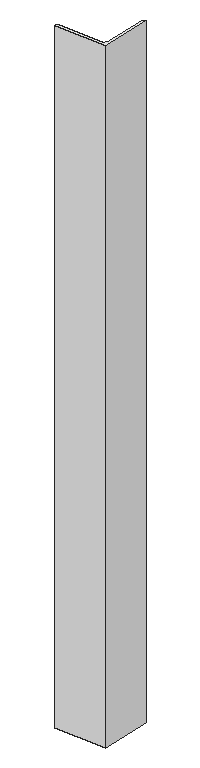
Revit family "Steel Column_L_ASTM A6M", category Structural Columns, Revit 2023
Family settings
  Section Shape = L-angle
  Material for Model Behavior = Steel
  Always export as geometry = No
  Beam cutback in plan = From bounding box
  Code Name = AISC 14.1
  OmniClass Number = 23.25.30.11.14.11
  OmniClass Title = Columns
  Cut with Voids When Loaded = No
  Symbolic Representation = From Project Settings
  Shared = No
  Show family pre-cut in plan views = Yes
Parameters (values of type "L203X203X12.7")
  Width = 203.00 mm
  Web Thickness = 12.70 mm
  Web Fillet = 12.70 mm
  Warping Constant = 0.000001081 (stored number, unit not read)
  Torsional Moment of Inertia = 284000.00 mm⁴
  Top Web Fillet = 6.35 mm
  Structural Material [instance] = Steel, 45-345
  Section Name Key = ""
  Section Area = 5060.0 mm²
  Principal Axes Angle = 45.00°
  Plastic Modulus weak axis = 247000.0 mm³
  Plastic Modulus strong axis = 247000.0 mm³
  Perimeter = 2.6509 (stored number, unit not read)
  Nominal Weight = 39.2999 kgf/m
  Moment of Inertia weak axis = 20300000.00 mm⁴
  Moment of Inertia strong axis = 20300000.00 mm⁴
  Height = 203.00 mm
  Flange Thickness = 12.700 mm
  Flange Fillet = 6.35 mm
  Elastic Modulus weak axis = 137000.0 mm³
  Elastic Modulus strong axis = 137000.0 mm³
  Centroid Vertical = 55.10 mm
  Centroid Horizontal = 55.10 mm
  Bolt Spacing Shorter Flange = 0.000 mm
  Bolt Spacing 2 Longer Flange = 0.000 mm
  Bolt Spacing 1 Longer Flange = 0.000 mm
  Assembly Code = ""
Reference planes
  plane 1: y = 0
  plane 2: z = 0
  plane 3: x = 0
  plane 4: x = -147.9
  plane 5: y = 147.9
  plane 6: y = -55.1
  plane 7: x = 55.1
  plane 8: y = -42.4
  plane 9: x = 42.4
Forms (mm)
  Extrusion 1, solid, material "Steel, 45-345" <- "Structural Material", detail levels medium
    sketch origin (0, 0, 0) x (1, 0, 0) y (0, 1, 0)
      loop
        line (-147.9, -42.4) -> (-147.9, -55.1) -> (55.1, -55.1) -> (55.1, 147.9) -> (42.4, 147.9) -> (42.4, -42.4) -> (-147.9, -42.4)
    from 0 to 2500
  Extrusion 2, solid, material "Steel, 45-345" <- "Structural Material", detail levels fine
    sketch origin (0, 0, 0) x (1, 0, 0) y (0, 1, 0)
      loop
        arc (-141.55, -42.4) -> (-146.04, -44.26) -> (-147.9, -48.75) r 6.35
        line (-147.9, -48.75) -> (-147.9, -55.1) -> (55.1, -55.1) -> (55.1, 147.9) -> (48.75, 147.9)
        arc (48.75, 147.9) -> (44.26, 146.04) -> (42.4, 141.55) r 6.35
        line (42.4, 141.55) -> (42.4, -29.7)
        arc (42.4, -29.7) -> (38.68, -38.68) -> (29.7, -42.4) r 12.7
        line (29.7, -42.4) -> (-141.55, -42.4)
    from 0 to 2500
Lines and regions (mm)
  symbolic lines, style "Hidden Faces", detail levels medium+fine
    curve 1: line (42.4, 0, 2500) -> (42.4, 0, 0)
    curve 2: line (-4.1, -42.4, 2500) -> (-4.1, -42.4, 0)
  symbolic lines, style "StructuralColumnStickSymbols", detail levels coarse
    curve 3: line (55.1, -55.1, 0) -> (-147.9, -55.1, 0)
    curve 4: line (55.1, -55.1, 0) -> (55.1, 147.9, 0)
Dimensions and locks
  "Centroid Vertical": plane 1 to plane 6
  "Web Thickness": plane 8 to plane 6
  "Web Thickness": plane 9 to plane 7
  "Centroid Horizontal": plane 3 to plane 7
  "Height": plane 5 to plane 6
  "Width": plane 4 to plane 7
  "Top Web Fillet": radius of Extrusion 2 sketch curve
  "Flange Fillet": radius of Extrusion 2 sketch curve
  "Web Fillet": radius of Extrusion 2 sketch curve
  aligned and locked: level to plane 2
  aligned and locked: level to curve 1  (x2)
  aligned and locked: plane 2 to curve 2
  aligned and locked: level to curve 2
  aligned and locked: plane 7 to curve 3
  aligned and locked: plane 6 to curve 3
  aligned and locked: Extrusion 1 sketch curve to plane 5
  aligned and locked: plane 9 to Extrusion 1 sketch curve
  aligned and locked: Extrusion 1 sketch curve to plane 8
  aligned and locked: plane 4 to Extrusion 1 sketch curve
  aligned and locked: plane 6 to Extrusion 1 sketch curve
  aligned and locked: Extrusion 1 sketch curve to plane 7
  aligned and locked: plane 4 to curve 3
  aligned and locked: plane 5 to curve 4
  aligned and locked: level to Extrusion 1
  aligned and locked: Extrusion 1 to level
  aligned and locked: plane 6 to Extrusion 2 sketch curve
  aligned and locked: Extrusion 2 sketch curve to plane 7
  aligned and locked: Extrusion 2 sketch curve to plane 5
  aligned and locked: plane 9 to Extrusion 2 sketch curve
  aligned and locked: Extrusion 2 sketch curve to plane 8
  aligned and locked: plane 4 to Extrusion 2 sketch curve
  aligned and locked: level to Extrusion 2
  aligned and locked: Extrusion 2 to level
  aligned and locked: curve 1 to plane 9
  aligned and locked: plane 8 to curve 2
Types in the file's own list only (60): name | Width | Web Thickness | Web Fillet | Warping Constant | Torsional Moment of Inertia | Top Web Fillet | Section Name Key | Section Area | Plastic Modulus weak axis | Plastic Modulus strong axis | Perimeter | Nominal Weight | Moment of Inertia weak axis | Moment of Inertia strong axis | Height | Flange Thickness | Flange Fillet | Elastic Modulus weak axis | Elastic Modulus strong axis | Centroid Vertical | Centroid Horizontal | Bolt Spacing Shorter Flange | Bolt Spacing 1 Longer Flange
  L51X51X3.2 | 50.800 mm | 3.180 mm | 3.180 mm | 212000.0 mm⁶ | 1220.00 mm⁴ | 1.590 mm | "L2X2X1/8" | 317.0 mm² | 3770.0 mm³ | 3770.0 mm³ | 0.20 m²/m | 2.40 kgf/m | 78700.00 mm⁴ | 78700.00 mm⁴ | 50.800 mm | 3.180 mm | 1.590 mm | 2110.0 mm³ | 2110.0 mm³ | 13.600 mm | 13.600 mm | 28.575 mm | 28.575 mm
  L51X51X4.8 | 50.800 mm | 4.760 mm | 4.760 mm | 682000.0 mm⁶ | 3830.00 mm⁴ | 2.380 mm | "L2X2X3/16" | 466.0 mm² | 5540.0 mm³ | 5540.0 mm³ | 0.20 m²/m | 3.60 kgf/m | 113000.00 mm⁴ | 113000.00 mm⁴ | 50.800 mm | 4.760 mm | 2.380 mm | 3080.0 mm³ | 3080.0 mm³ | 14.200 mm | 14.200 mm | 28.575 mm | 28.575 mm
  L51X51X6.4 | 50.800 mm | 6.350 mm | 6.350 mm | 1540000.0 mm⁶ | 8700.00 mm⁴ | 3.175 mm | "L2X2X1/4" | 609.0 mm² | 7210.0 mm³ | 7210.0 mm³ | 0.20 m²/m | 4.70 kgf/m | 144000.00 mm⁴ | 144000.00 mm⁴ | 50.800 mm | 6.350 mm | 3.175 mm | 4000.0 mm³ | 4000.0 mm³ | 14.900 mm | 14.900 mm | 28.575 mm | 28.575 mm
  L51X51X7.9 | 50.800 mm | 7.940 mm | 7.940 mm | 2850000.0 mm⁶ | 16400.00 mm⁴ | 3.970 mm | "L2X2X5/16" | 748.0 mm² | 8800.0 mm³ | 8800.0 mm³ | 0.20 m²/m | 5.80 kgf/m | 172000.00 mm⁴ | 172000.00 mm⁴ | 50.800 mm | 7.940 mm | 3.970 mm | 4880.0 mm³ | 4880.0 mm³ | 15.500 mm | 15.500 mm | 28.575 mm | 28.575 mm
  L51X51X9.5 | 50.800 mm | 9.530 mm | 9.530 mm | 4670000.0 mm⁶ | 27400.00 mm⁴ | 4.765 mm | "L2X2X3/8" | 884.0 mm² | 10300.0 mm³ | 10300.0 mm³ | 0.20 m²/m | 7.00 kgf/m | 198000.00 mm⁴ | 198000.00 mm⁴ | 50.800 mm | 9.530 mm | 4.765 mm | 5700.0 mm³ | 5700.0 mm³ | 16.100 mm | 16.100 mm | 28.575 mm | 28.575 mm
  L64X64X4.8 | 63.500 mm | 4.760 mm | 4.760 mm | 1370000.0 mm⁶ | 4750.00 mm⁴ | 2.380 mm | "L2 1/2X2 1/2X3/16" | 581.0 mm² | 8670.0 mm³ | 8670.0 mm³ | 0.25 m²/m | 4.60 kgf/m | 223000.00 mm⁴ | 223000.00 mm⁴ | 63.500 mm | 4.760 mm | 2.380 mm | 4830.0 mm³ | 4830.0 mm³ | 17.400 mm | 17.400 mm | 34.925 mm | 34.925 mm
  L64X64X6.4 | 63.500 mm | 6.350 mm | 6.350 mm | 3120000.0 mm⁶ | 10900.00 mm⁴ | 3.175 mm | "L2 1/2X2 1/2X1/4" | 768.0 mm² | 11400.0 mm³ | 11400.0 mm³ | 0.25 m²/m | 6.10 kgf/m | 288000.00 mm⁴ | 288000.00 mm⁴ | 63.500 mm | 6.350 mm | 3.175 mm | 6340.0 mm³ | 6340.0 mm³ | 18.100 mm | 18.100 mm | 34.925 mm | 34.925 mm
  L64X64X7.9 | 63.500 mm | 7.940 mm | 7.940 mm | 5850000.0 mm⁶ | 20600.00 mm⁴ | 3.970 mm | "L2 1/2X2 1/2X5/16" | 942.0 mm² | 14000.0 mm³ | 14000.0 mm³ | 0.25 m²/m | 7.40 kgf/m | 348000.00 mm⁴ | 348000.00 mm⁴ | 63.500 mm | 7.940 mm | 3.970 mm | 7770.0 mm³ | 7770.0 mm³ | 18.700 mm | 18.700 mm | 34.925 mm | 34.925 mm
  L64X64X9.5 | 63.500 mm | 9.530 mm | 9.530 mm | 9720000.0 mm⁶ | 34700.00 mm⁴ | 4.765 mm | "L2 1/2X2 1/2X3/8" | 1120.0 mm² | 16600.0 mm³ | 16600.0 mm³ | 0.25 m²/m | 8.70 kgf/m | 405000.00 mm⁴ | 405000.00 mm⁴ | 63.500 mm | 9.530 mm | 4.765 mm | 9140.0 mm³ | 9140.0 mm³ | 19.300 mm | 19.300 mm | 34.925 mm | 34.925 mm
  L64X64X12.7 | 63.500 mm | 12.700 mm | 12.700 mm | 21200000.0 mm⁶ | 78300.00 mm⁴ | 6.350 mm | "L2 1/2X2 1/2X1/2" | 1460.0 mm² | 21100.0 mm³ | 21100.0 mm³ | 0.25 m²/m | 11.40 kgf/m | 508000.00 mm⁴ | 508000.00 mm⁴ | 63.500 mm | 12.700 mm | 6.350 mm | 11700.0 mm³ | 11700.0 mm³ | 20.400 mm | 20.400 mm | 34.925 mm | 34.925 mm
  L76X76X4.8 | 76.200 mm | 4.760 mm | 4.760 mm | 2410000.0 mm⁶ | 5660.00 mm⁴ | 2.380 mm | "L3X3X3/16" | 703.0 mm² | 12700.0 mm³ | 12700.0 mm³ | 0.30 m²/m | 5.50 kgf/m | 395000.00 mm⁴ | 395000.00 mm⁴ | 76.200 mm | 4.760 mm | 2.380 mm | 7100.0 mm³ | 7100.0 mm³ | 20.600 mm | 20.600 mm | 44.450 mm | 44.450 mm
  L76X76X6.4 | 76.200 mm | 6.350 mm | 6.350 mm | 5530000.0 mm⁶ | 13000.00 mm⁴ | 3.175 mm | "L3X3X1/4" | 929.0 mm² | 16700.0 mm³ | 16700.0 mm³ | 0.30 m²/m | 7.30 kgf/m | 512000.00 mm⁴ | 512000.00 mm⁴ | 76.200 mm | 6.350 mm | 3.175 mm | 9320.0 mm³ | 9320.0 mm³ | 21.200 mm | 21.200 mm | 44.450 mm | 44.450 mm
  L76X76X7.9 | 76.200 mm | 7.940 mm | 7.940 mm | 10500000.0 mm⁶ | 24800.00 mm⁴ | 3.970 mm | "L3X3X5/16" | 1150.0 mm² | 20600.0 mm³ | 20600.0 mm³ | 0.30 m²/m | 9.10 kgf/m | 624000.00 mm⁴ | 624000.00 mm⁴ | 76.200 mm | 7.940 mm | 3.970 mm | 11500.0 mm³ | 11500.0 mm³ | 21.800 mm | 21.800 mm | 44.450 mm | 44.450 mm
  L76X76X9.5 | 76.200 mm | 9.530 mm | 9.530 mm | 17500000.0 mm⁶ | 42000.00 mm⁴ | 4.765 mm | "L3X3X3/8" | 1360.0 mm² | 24300.0 mm³ | 24300.0 mm³ | 0.30 m²/m | 10.70 kgf/m | 728000.00 mm⁴ | 728000.00 mm⁴ | 76.200 mm | 9.530 mm | 4.765 mm | 13500.0 mm³ | 13500.0 mm³ | 22.500 mm | 22.500 mm | 44.450 mm | 44.450 mm
  L76X76X11.1 | 76.200 mm | 11.100 mm | 11.100 mm | 26900000.0 mm⁶ | 65300.00 mm⁴ | 5.550 mm | "L3X3X7/16" | 1570.0 mm² | 27900.0 mm³ | 27900.0 mm³ | 0.30 m²/m | 12.40 kgf/m | 824000.00 mm⁴ | 824000.00 mm⁴ | 76.200 mm | 11.100 mm | 5.550 mm | 15500.0 mm³ | 15500.0 mm³ | 23.000 mm | 23.000 mm | 44.450 mm | 44.450 mm
  L76X76X12.7 | 76.200 mm | 12.700 mm | 12.700 mm | 38700000.0 mm⁶ | 95700.00 mm⁴ | 6.350 mm | "L3X3X1/2" | 1780.0 mm² | 31300.0 mm³ | 31300.0 mm³ | 0.30 m²/m | 14.00 kgf/m | 916000.00 mm⁴ | 916000.00 mm⁴ | 76.200 mm | 12.700 mm | 6.350 mm | 17400.0 mm³ | 17400.0 mm³ | 23.600 mm | 23.600 mm | 44.450 mm | 44.450 mm
  L89X89X6.4 | 88.900 mm | 6.350 mm | 6.350 mm | 8970000.0 mm⁶ | 16100.00 mm⁴ | 3.175 mm | "L3 1/2X3 1/2X1/4" | 1100.0 mm² | 23100.0 mm³ | 23100.0 mm³ | 0.35 m²/m | 8.60 kgf/m | 832000.00 mm⁴ | 832000.00 mm⁴ | 88.900 mm | 6.350 mm | 3.175 mm | 12900.0 mm³ | 12900.0 mm³ | 24.200 mm | 24.200 mm | 50.800 mm | 50.800 mm
  L89X89X7.9 | 88.900 mm | 7.940 mm | 7.940 mm | 17000000.0 mm⁶ | 30400.00 mm⁴ | 3.970 mm | "L3 1/2X3 1/2X5/16" | 1350.0 mm² | 28500.0 mm³ | 28500.0 mm³ | 0.35 m²/m | 10.70 kgf/m | 1020000.00 mm⁴ | 1020000.00 mm⁴ | 88.900 mm | 7.940 mm | 3.970 mm | 15900.0 mm³ | 15900.0 mm³ | 24.900 mm | 24.900 mm | 50.800 mm | 50.800 mm
  L89X89X9.5 | 88.900 mm | 9.530 mm | 9.530 mm | 28500000.0 mm⁶ | 51200.00 mm⁴ | 4.765 mm | "L3 1/2X3 1/2X3/8" | 1610.0 mm² | 33800.0 mm³ | 33800.0 mm³ | 0.35 m²/m | 12.60 kgf/m | 1190000.00 mm⁴ | 1190000.00 mm⁴ | 88.900 mm | 9.530 mm | 4.765 mm | 18800.0 mm³ | 18800.0 mm³ | 25.400 mm | 25.400 mm | 50.800 mm | 50.800 mm
  L89X89X11.1 | 88.900 mm | 11.100 mm | 11.100 mm | 44000000.0 mm⁶ | 79900.00 mm⁴ | 5.550 mm | "L3 1/2X3 1/2X7/16" | 1860.0 mm² | 38700.0 mm³ | 38700.0 mm³ | 0.35 m²/m | 14.60 kgf/m | 1350000.00 mm⁴ | 1350000.00 mm⁴ | 88.900 mm | 11.100 mm | 5.550 mm | 21600.0 mm³ | 21600.0 mm³ | 26.200 mm | 26.200 mm | 50.800 mm | 50.800 mm
  L89X89X12.7 | 88.900 mm | 12.700 mm | 12.700 mm | 63900000.0 mm⁶ | 117000.00 mm⁴ | 6.350 mm | "L3 1/2X3 1/2X1/2" | 2100.0 mm² | 43600.0 mm³ | 43600.0 mm³ | 0.35 m²/m | 16.50 kgf/m | 1510000.00 mm⁴ | 1510000.00 mm⁴ | 88.900 mm | 12.700 mm | 6.350 mm | 24300.0 mm³ | 24300.0 mm³ | 26.700 mm | 26.700 mm | 50.800 mm | 50.800 mm
  L102X102X6.4 | 102.000 mm | 6.350 mm | 6.350 mm | 13600000.0 mm⁶ | 18200.00 mm⁴ | 3.175 mm | "L4X4X1/4" | 1250.0 mm² | 29800.0 mm³ | 29800.0 mm³ | 0.40 m²/m | 9.80 kgf/m | 1250000.00 mm⁴ | 1250000.00 mm⁴ | 102.000 mm | 6.350 mm | 3.175 mm | 16900.0 mm³ | 16900.0 mm³ | 27.400 mm | 27.400 mm | 63.500 mm | 63.500 mm
  L102X102X7.9 | 102.000 mm | 7.940 mm | 7.940 mm | 25900000.0 mm⁶ | 34600.00 mm⁴ | 3.970 mm | "L4X4X5/16" | 1550.0 mm² | 37000.0 mm³ | 37000.0 mm³ | 0.40 m²/m | 12.20 kgf/m | 1530000.00 mm⁴ | 1530000.00 mm⁴ | 102.000 mm | 7.940 mm | 3.970 mm | 20800.0 mm³ | 20800.0 mm³ | 28.200 mm | 28.200 mm | 63.500 mm | 63.500 mm
  L102X102X9.5 | 102.000 mm | 9.530 mm | 9.530 mm | 43500000.0 mm⁶ | 58700.00 mm⁴ | 4.765 mm | "L4X4X3/8" | 1850.0 mm² | 44100.0 mm³ | 44100.0 mm³ | 0.40 m²/m | 14.60 kgf/m | 1800000.00 mm⁴ | 1800000.00 mm⁴ | 102.000 mm | 9.530 mm | 4.765 mm | 24600.0 mm³ | 24600.0 mm³ | 28.700 mm | 28.700 mm | 63.500 mm | 63.500 mm
  L102X102X11.1 | 102.000 mm | 11.100 mm | 11.100 mm | 67700000.0 mm⁶ | 91600.00 mm⁴ | 5.550 mm | "L4X4X7/16" | 2130.0 mm² | 50800.0 mm³ | 50800.0 mm³ | 0.40 m²/m | 16.80 kgf/m | 2050000.00 mm⁴ | 2050000.00 mm⁴ | 102.000 mm | 11.100 mm | 5.550 mm | 28300.0 mm³ | 28300.0 mm³ | 29.200 mm | 29.200 mm | 63.500 mm | 63.500 mm
  L102X102X12.7 | 102.000 mm | 12.700 mm | 12.700 mm | 98300000.0 mm⁶ | 134000.00 mm⁴ | 6.350 mm | "L4X4X1/2" | 2420.0 mm² | 57400.0 mm³ | 57400.0 mm³ | 0.40 m²/m | 19.00 kgf/m | 2300000.00 mm⁴ | 2300000.00 mm⁴ | 102.000 mm | 12.700 mm | 6.350 mm | 32100.0 mm³ | 32100.0 mm³ | 30.000 mm | 30.000 mm | 63.500 mm | 63.500 mm
  L102X102X15.9 | 102.000 mm | 15.900 mm | 15.900 mm | 183000000.0 mm⁶ | 254000.00 mm⁴ | 7.950 mm | "L4X4X5/8" | 2970.0 mm² | 70100.0 mm³ | 70100.0 mm³ | 0.40 m²/m | 23.40 kgf/m | 2760000.00 mm⁴ | 2760000.00 mm⁴ | 102.000 mm | 15.900 mm | 7.950 mm | 39000.0 mm³ | 39000.0 mm³ | 31.000 mm | 31.000 mm | 63.500 mm | 63.500 mm
  L102X102X19 | 102.000 mm | 19.100 mm | 19.100 mm | 301000000.0 mm⁶ | 425000.00 mm⁴ | 9.550 mm | "L4X4X3/4" | 3510.0 mm² | 82300.0 mm³ | 82300.0 mm³ | 0.40 m²/m | 27.50 kgf/m | 3170000.00 mm⁴ | 3170000.00 mm⁴ | 102.000 mm | 19.100 mm | 9.550 mm | 45700.0 mm³ | 45700.0 mm³ | 32.300 mm | 32.300 mm | 63.500 mm | 63.500 mm
  L127X127X7.9 | 127.000 mm | 7.940 mm | 7.940 mm | 51800000.0 mm⁶ | 45000.00 mm⁴ | 3.970 mm | "L5X5X5/16" | 1980.0 mm² | 59800.0 mm³ | 59800.0 mm³ | 0.51 m²/m | 15.30 kgf/m | 3100000.00 mm⁴ | 3100000.00 mm⁴ | 127.000 mm | 7.940 mm | 3.970 mm | 33400.0 mm³ | 33400.0 mm³ | 34.300 mm | 34.300 mm | 76.200 mm | 76.200 mm
  L127X127X9.5 | 127.000 mm | 9.530 mm | 9.530 mm | 87800000.0 mm⁶ | 76200.00 mm⁴ | 4.765 mm | "L5X5X3/8" | 2350.0 mm² | 71000.0 mm³ | 71000.0 mm³ | 0.51 m²/m | 18.30 kgf/m | 3650000.00 mm⁴ | 3650000.00 mm⁴ | 127.000 mm | 9.530 mm | 4.765 mm | 39500.0 mm³ | 39500.0 mm³ | 34.800 mm | 34.800 mm | 76.200 mm | 76.200 mm
  L127X127X11.1 | 127.000 mm | 11.100 mm | 11.100 mm | 136000000.0 mm⁶ | 118000.00 mm⁴ | 5.550 mm | "L5X5X7/16" | 2720.0 mm² | 81900.0 mm³ | 81900.0 mm³ | 0.50 m²/m | 21.30 kgf/m | 4160000.00 mm⁴ | 4160000.00 mm⁴ | 127.000 mm | 11.100 mm | 5.550 mm | 45600.0 mm³ | 45600.0 mm³ | 35.600 mm | 35.600 mm | 76.200 mm | 76.200 mm
  L127X127X12.7 | 127.000 mm | 12.700 mm | 12.700 mm | 200000000.0 mm⁶ | 174000.00 mm⁴ | 6.350 mm | "L5X5X1/2" | 3090.0 mm² | 92800.0 mm³ | 92800.0 mm³ | 0.50 m²/m | 24.10 kgf/m | 4700000.00 mm⁴ | 4700000.00 mm⁴ | 127.000 mm | 12.700 mm | 6.350 mm | 51600.0 mm³ | 51600.0 mm³ | 36.100 mm | 36.100 mm | 76.200 mm | 76.200 mm
  L127X127X15.9 | 127.000 mm | 15.900 mm | 15.900 mm | 376000000.0 mm⁶ | 330000.00 mm⁴ | 7.950 mm | "L5X5X5/8" | 3810.0 mm² | 114000.0 mm³ | 114000.0 mm³ | 0.50 m²/m | 29.80 kgf/m | 5660000.00 mm⁴ | 5660000.00 mm⁴ | 127.000 mm | 15.900 mm | 7.950 mm | 63100.0 mm³ | 63100.0 mm³ | 37.300 mm | 37.300 mm | 76.200 mm | 76.200 mm
  L127X127X19 | 127.000 mm | 19.100 mm | 19.100 mm | 623000000.0 mm⁶ | 554000.00 mm⁴ | 9.550 mm | "L5X5X3/4" | 4500.0 mm² | 133000.0 mm³ | 133000.0 mm³ | 0.51 m²/m | 35.10 kgf/m | 6530000.00 mm⁴ | 6530000.00 mm⁴ | 127.000 mm | 19.100 mm | 9.550 mm | 74100.0 mm³ | 74100.0 mm³ | 38.600 mm | 38.600 mm | 76.200 mm | 76.200 mm
  L127X127X22.2 | 127.000 mm | 22.200 mm | 22.200 mm | 948000000.0 mm⁶ | 862000.00 mm⁴ | 11.100 mm | "L5X5X7/8" | 5160.0 mm² | 153000.0 mm³ | 153000.0 mm³ | 0.50 m²/m | 40.50 kgf/m | 7410000.00 mm⁴ | 7410000.00 mm⁴ | 127.000 mm | 22.200 mm | 11.100 mm | 84600.0 mm³ | 84600.0 mm³ | 39.600 mm | 39.600 mm | 76.200 mm | 76.200 mm
  L152X152X7.9 | 152.000 mm | 7.940 mm | 7.940 mm | 90800000.0 mm⁶ | 53700.00 mm⁴ | 3.970 mm | "L6X6X5/16" | 2370.0 mm² | 86200.0 mm³ | 86200.0 mm³ | 0.60 m²/m | 18.50 kgf/m | 5410000.00 mm⁴ | 5410000.00 mm⁴ | 152.000 mm | 7.940 mm | 3.970 mm | 48300.0 mm³ | 48300.0 mm³ | 40.600 mm | 40.600 mm | 88.900 mm | 88.900 mm
  L152X152X9.5 | 152.000 mm | 9.530 mm | 9.530 mm | 154000000.0 mm⁶ | 90700.00 mm⁴ | 4.765 mm | "L6X6X3/8" | 2830.0 mm² | 103000.0 mm³ | 103000.0 mm³ | 0.60 m²/m | 22.20 kgf/m | 6410000.00 mm⁴ | 6410000.00 mm⁴ | 152.000 mm | 9.530 mm | 4.765 mm | 57500.0 mm³ | 57500.0 mm³ | 41.100 mm | 41.100 mm | 88.900 mm | 88.900 mm
  L152X152X11.1 | 152.000 mm | 11.100 mm | 11.100 mm | 241000000.0 mm⁶ | 142000.00 mm⁴ | 5.550 mm | "L6X6X7/16" | 3280.0 mm² | 119000.0 mm³ | 119000.0 mm³ | 0.61 m²/m | 25.60 kgf/m | 7330000.00 mm⁴ | 7330000.00 mm⁴ | 152.000 mm | 11.100 mm | 5.550 mm | 66500.0 mm³ | 66500.0 mm³ | 41.900 mm | 41.900 mm | 88.900 mm | 88.900 mm
  L152X152X12.7 | 152.000 mm | 12.700 mm | 12.700 mm | 354000000.0 mm⁶ | 209000.00 mm⁴ | 6.350 mm | "L6X6X1/2" | 3720.0 mm² | 135000.0 mm³ | 135000.0 mm³ | 0.60 m²/m | 29.20 kgf/m | 8280000.00 mm⁴ | 8280000.00 mm⁴ | 152.000 mm | 12.700 mm | 6.350 mm | 75200.0 mm³ | 75200.0 mm³ | 42.400 mm | 42.400 mm | 88.900 mm | 88.900 mm
  L152X152X14.3 | 152.000 mm | 14.300 mm | 14.300 mm | 497000000.0 mm⁶ | 293000.00 mm⁴ | 7.150 mm | "L6X6X9/16" | 4160.0 mm² | 150000.0 mm³ | 150000.0 mm³ | 0.61 m²/m | 32.60 kgf/m | 9160000.00 mm⁴ | 9160000.00 mm⁴ | 152.000 mm | 14.300 mm | 7.150 mm | 83900.0 mm³ | 83900.0 mm³ | 43.200 mm | 43.200 mm | 88.900 mm | 88.900 mm
  L152X152X15.9 | 152.000 mm | 15.900 mm | 15.900 mm | 671000000.0 mm⁶ | 398000.00 mm⁴ | 7.950 mm | "L6X6X5/8" | 4600.0 mm² | 166000.0 mm³ | 166000.0 mm³ | 0.61 m²/m | 36.00 kgf/m | 10000000.00 mm⁴ | 10000000.00 mm⁴ | 152.000 mm | 15.900 mm | 7.950 mm | 92400.0 mm³ | 92400.0 mm³ | 43.700 mm | 43.700 mm | 88.900 mm | 88.900 mm
  L152X152X19 | 152.000 mm | 19.100 mm | 19.100 mm | 1120000000.0 mm⁶ | 670000.00 mm⁴ | 9.550 mm | "L6X6X3/4" | 5460.0 mm² | 195000.0 mm³ | 195000.0 mm³ | 0.61 m²/m | 42.70 kgf/m | 11700000.00 mm⁴ | 11700000.00 mm⁴ | 152.000 mm | 19.100 mm | 9.550 mm | 109000.0 mm³ | 109000.0 mm³ | 45.000 mm | 45.000 mm | 88.900 mm | 88.900 mm
  L152X152X22.2 | 152.000 mm | 22.200 mm | 22.200 mm | 1720000000.0 mm⁶ | 1040000.00 mm⁴ | 11.100 mm | "L6X6X7/8" | 6290.0 mm² | 225000.0 mm³ | 225000.0 mm³ | 0.61 m²/m | 49.30 kgf/m | 13300000.00 mm⁴ | 13300000.00 mm⁴ | 152.000 mm | 22.200 mm | 11.100 mm | 125000.0 mm³ | 125000.0 mm³ | 46.000 mm | 46.000 mm | 88.900 mm | 88.900 mm
  L152X152X25.4 | 152.000 mm | 25.400 mm | 25.400 mm | 2480000000.0 mm⁶ | 1530000.00 mm⁴ | 12.700 mm | "L6X6X1" | 7100.0 mm² | 252000.0 mm³ | 252000.0 mm³ | 0.61 m²/m | 55.70 kgf/m | 14700000.00 mm⁴ | 14700000.00 mm⁴ | 152.000 mm | 25.400 mm | 12.700 mm | 140000.0 mm³ | 140000.0 mm³ | 47.200 mm | 47.200 mm | 88.900 mm | 88.900 mm
  L203X203X14.3 | 203.000 mm | 14.300 mm | 14.300 mm | 1220000000.0 mm⁶ | 400000.00 mm⁴ | 7.150 mm | "L8X8X9/16" | 5660.0 mm² | 275000.0 mm³ | 275000.0 mm³ | 0.81 m²/m | 44.00 kgf/m | 22600000.00 mm⁴ | 22600000.00 mm⁴ | 203.000 mm | 14.300 mm | 7.150 mm | 153000.0 mm³ | 153000.0 mm³ | 55.600 mm | 55.600 mm | 114.300 mm | 114.300 mm
  L203X203X15.9 | 203.000 mm | 15.900 mm | 15.900 mm | 1650000000.0 mm⁶ | 541000.00 mm⁴ | 7.950 mm | "L8X8X5/8" | 6250.0 mm² | 305000.0 mm³ | 305000.0 mm³ | 0.81 m²/m | 48.70 kgf/m | 24800000.00 mm⁴ | 24800000.00 mm⁴ | 203.000 mm | 15.900 mm | 7.950 mm | 169000.0 mm³ | 169000.0 mm³ | 56.100 mm | 56.100 mm | 114.300 mm | 114.300 mm
  L203X203X19 | 203.000 mm | 19.100 mm | 19.100 mm | 2790000000.0 mm⁶ | 920000.00 mm⁴ | 9.550 mm | "L8X8X3/4" | 7420.0 mm² | 361000.0 mm³ | 361000.0 mm³ | 0.81 m²/m | 57.90 kgf/m | 29100000.00 mm⁴ | 29100000.00 mm⁴ | 203.000 mm | 19.100 mm | 9.550 mm | 200000.0 mm³ | 200000.0 mm³ | 57.400 mm | 57.400 mm | 114.300 mm | 114.300 mm
  L203X203X22.2 | 203.000 mm | 22.200 mm | 22.200 mm | 4320000000.0 mm⁶ | 1440000.00 mm⁴ | 11.100 mm | "L8X8X7/8" | 8580.0 mm² | 415000.0 mm³ | 415000.0 mm³ | 0.81 m²/m | 67.00 kgf/m | 33200000.00 mm⁴ | 33200000.00 mm⁴ | 203.000 mm | 22.200 mm | 11.100 mm | 229000.0 mm³ | 229000.0 mm³ | 58.700 mm | 58.700 mm | 114.300 mm | 114.300 mm
  L203X203X25.4 | 203.000 mm | 25.400 mm | 25.400 mm | 6280000000.0 mm⁶ | 2110000.00 mm⁴ | 12.700 mm | "L8X8X1" | 9740.0 mm² | 467000.0 mm³ | 467000.0 mm³ | 0.81 m²/m | 75.90 kgf/m | 37100000.00 mm⁴ | 37100000.00 mm⁴ | 203.000 mm | 25.400 mm | 12.700 mm | 259000.0 mm³ | 259000.0 mm³ | 59.900 mm | 59.900 mm | 114.300 mm | 114.300 mm
  L203X203X28.6 | 203.000 mm | 28.600 mm | 28.600 mm | 8730000000.0 mm⁶ | 2970000.00 mm⁴ | 14.300 mm | "L8X8X1 1/8" | 10800.0 mm² | 518000.0 mm³ | 518000.0 mm³ | 0.81 m²/m | 84.70 kgf/m | 40800000.00 mm⁴ | 40800000.00 mm⁴ | 203.000 mm | 28.600 mm | 14.300 mm | 287000.0 mm³ | 287000.0 mm³ | 61.000 mm | 61.000 mm | 114.300 mm | 114.300 mm
  L254X254X19.1 | 254.000 mm | 19.100 mm | 18.000 mm | 0.0 mm⁶ | 0.00 mm⁴ | 9.000 mm | "L10X10X3/4" | 9310.0 mm² | 0.0 mm³ | 0.0 mm³ | 0.99 m²/m | 73.10 kgf/m | 57070000.00 mm⁴ | 57070000.00 mm⁴ | 254.000 mm | 19.100 mm | 9.000 mm | 309800.0 mm³ | 309800.0 mm³ | 69.800 mm | 69.800 mm | 0.000 mm | 0.000 mm
  L254X254X22.2 | 254.000 mm | 22.200 mm | 18.000 mm | 0.0 mm⁶ | 0.00 mm⁴ | 9.000 mm | "L10X10X7/8" | 10800.0 mm² | 0.0 mm³ | 0.0 mm³ | 0.99 m²/m | 84.60 kgf/m | 65490000.00 mm⁴ | 65490000.00 mm⁴ | 254.000 mm | 22.200 mm | 9.000 mm | 357900.0 mm³ | 357900.0 mm³ | 71.000 mm | 71.000 mm | 0.000 mm | 0.000 mm
  L254X254X25.4 | 254.000 mm | 25.400 mm | 18.000 mm | 0.0 mm⁶ | 0.00 mm⁴ | 9.000 mm | "L10X10X1" | 12300.0 mm² | 0.0 mm³ | 0.0 mm³ | 0.99 m²/m | 96.20 kgf/m | 73740000.00 mm⁴ | 73740000.00 mm⁴ | 254.000 mm | 25.400 mm | 9.000 mm | 405800.0 mm³ | 405800.0 mm³ | 72.300 mm | 72.300 mm | 0.000 mm | 0.000 mm
  L254X254X28.6 | 254.000 mm | 28.600 mm | 18.000 mm | 0.0 mm⁶ | 0.00 mm⁴ | 9.000 mm | "L10X10X1 1/8" | 13700.0 mm² | 0.0 mm³ | 0.0 mm³ | 0.99 m²/m | 108.00 kgf/m | 81680000.00 mm⁴ | 81680000.00 mm⁴ | 254.000 mm | 28.600 mm | 9.000 mm | 452600.0 mm³ | 452600.0 mm³ | 73.500 mm | 73.500 mm | 0.000 mm | 0.000 mm
  L254X254X31.8 | 254.000 mm | 31.800 mm | 18.000 mm | 0.0 mm⁶ | 0.00 mm⁴ | 9.000 mm | "L10X10X1 1/4" | 15100.0 mm² | 0.0 mm³ | 0.0 mm³ | 0.99 m²/m | 119.00 kgf/m | 89330000.00 mm⁴ | 89330000.00 mm⁴ | 254.000 mm | 31.800 mm | 9.000 mm | 498300.0 mm³ | 498300.0 mm³ | 74.700 mm | 74.700 mm | 0.000 mm | 0.000 mm
  L254X254X34.9 | 254.000 mm | 34.900 mm | 18.000 mm | 0.0 mm⁶ | 0.00 mm⁴ | 9.000 mm | "L10X10X1 3/8" | 16500.0 mm² | 0.0 mm³ | 0.0 mm³ | 0.99 m²/m | 130.00 kgf/m | 96480000.00 mm⁴ | 96480000.00 mm⁴ | 254.000 mm | 34.900 mm | 9.000 mm | 541700.0 mm³ | 541700.0 mm³ | 75.900 mm | 75.900 mm | 0.000 mm | 0.000 mm
  L305X305X25.4 | 305.000 mm | 25.400 mm | 18.000 mm | 0.0 mm⁶ | 0.00 mm⁴ | 12.700 mm | "L12X12X1" | 14700.0 mm² | 0.0 mm³ | 0.0 mm³ | 1.18 m²/m | 116.00 kgf/m | 129200000.00 mm⁴ | 129200000.00 mm⁴ | 305.000 mm | 25.400 mm | 12.700 mm | 587100.0 mm³ | 587100.0 mm³ | 84.800 mm | 84.800 mm | 0.000 mm | 0.000 mm
  L305X305X28.6 | 305.000 mm | 28.600 mm | 18.000 mm | 0.0 mm⁶ | 0.00 mm⁴ | 12.700 mm | "L12X12X1 1/8" | 16500.0 mm² | 0.0 mm³ | 0.0 mm³ | 1.18 m²/m | 130.00 kgf/m | 143700000.00 mm⁴ | 143700000.00 mm⁴ | 305.000 mm | 28.600 mm | 12.700 mm | 656700.0 mm³ | 656700.0 mm³ | 86.000 mm | 86.000 mm | 0.000 mm | 0.000 mm
  L305X305X31.8 | 305.000 mm | 31.800 mm | 18.000 mm | 0.0 mm⁶ | 0.00 mm⁴ | 12.700 mm | "L12X12X1 1/4" | 18300.0 mm² | 0.0 mm³ | 0.0 mm³ | 1.18 m²/m | 143.00 kgf/m | 157700000.00 mm⁴ | 157700000.00 mm⁴ | 305.000 mm | 31.800 mm | 12.700 mm | 725000.0 mm³ | 725000.0 mm³ | 87.300 mm | 87.300 mm | 0.000 mm | 0.000 mm
  L305X305X34.9 | 305.000 mm | 34.900 mm | 18.000 mm | 0.0 mm⁶ | 0.00 mm⁴ | 12.700 mm | "L12X12X1 3/8" | 19900.0 mm² | 0.0 mm³ | 0.0 mm³ | 1.18 m²/m | 157.00 kgf/m | 170900000.00 mm⁴ | 170900000.00 mm⁴ | 305.000 mm | 34.900 mm | 12.700 mm | 789900.0 mm³ | 789900.0 mm³ | 88.500 mm | 88.500 mm | 0.000 mm | 0.000 mm
